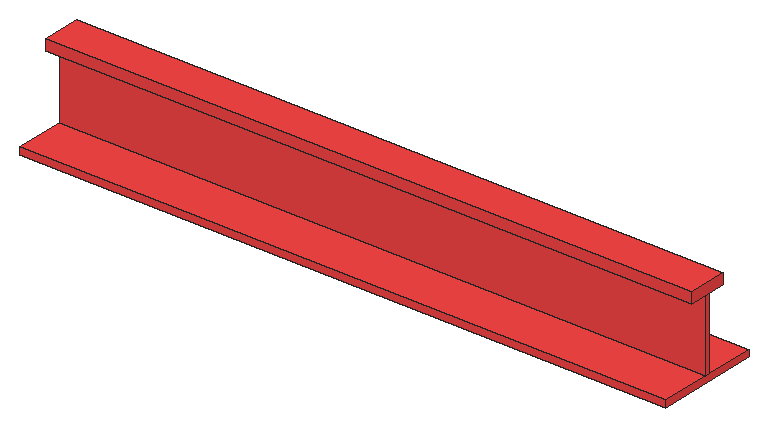
Revit family "GSY32", category Structural Framing, Revit 2018
Family settings
  Section Shape = Not Defined
  Material for Model Behavior = Other
  Always export as geometry = No
  OmniClass Number = 23.25.30.11.14.14
  OmniClass Title = Beams
  Always vertical = Yes
  Cut with Voids When Loaded = No
  Symbolic Representation = From Family
  Shared = No
  Show family pre-cut in plan views = Yes
Parameters (values of type "GSY32/15-40")
  t2 = 25 mm
  t1 = 40 mm
  hw = 280 mm
  d = 15 mm
  b2 = 400 mm
  b1 = 150 mm
  Structural Material [instance] = bips-Steel
  Manufacturer = "Give Steel A/S"
  Length [instance] = 3000 mm
Types (6, lengths in mm): name | b2 | b1 | Length
  (no name) | 400 | 150 | 3000
  GSY32/15-40 | 400 | 150 | 3000
  GSY32/18-43 | 430 | 180 | 3000
  GSY32/22-47 | 470 | 220 | 3000
  GSY32/27-52 | 520 | 270 | 3000
  GSY32/30-55 | 550 | 300 | 4000
Reference planes
  plane 1 "Center (Front/Back)": y = 0
  plane 2 "Center Elevation": z = 0
  plane 3 "Center (Left/Right)": x = 0
  plane 4 "Left": x = -1500
  plane 5 "Member Left": x = -1250
  plane 6 "Stick Symbol Left": x = -1000
  plane 7 "Right": x = 1500
  plane 8 "Member Right": x = 1250
  plane 9 "Stick Symbol Right": x = 1000
  plane 10: y = 75
  plane 11: y = -75
  plane 12: y = 200
  plane 13: y = -200
  plane 14: z = 192.5
  plane 15: z = 152.5
  plane 16: z = -152.5
  plane 17: z = -127.5
  plane 18: y = -7.5
  plane 19: y = 7.5
Forms (mm)
  Extrusion 1, solid, material "bips-Steel" <- "Structural Material"
    sketch origin (0, 0, 0) x (0, 1, 0) y (0, 0, 1)
      loop
        line (75, 192.5) -> (-75, 192.5) -> (-75, 152.5) -> (75, 152.5) -> (75, 192.5)
    from -1250 to 1250
  Extrusion 2, solid, material "bips-Steel" <- "Structural Material"
    sketch origin (0, 0, -90) x (0, 1, 0) y (0, 0, 1)
      loop
        line (7.5, 242.5) -> (-7.5, 242.5) -> (-7.5, -37.5) -> (7.5, -37.5) -> (7.5, 242.5)
    from -1250 to 1250
  Extrusion 3, solid, material "bips-Steel" <- "Structural Material"
    sketch origin (0, 0, -345) x (0, 1, 0) y (0, 0, 1)
      loop
        line (200, 217.5) -> (-200, 217.5) -> (-200, 192.5) -> (200, 192.5) -> (200, 217.5)
    from -1250 to 1250
Lines and regions (mm)
  model lines, style "Stick Symbols", detail levels coarse
    curve 1: line (-1000, 0, 0) -> (1000, 0, 0)
Dimensions and locks
  equal spacing: plane 4 "Left", plane 3 "Center (Left/Right)", plane 7 "Right"
  "Length": plane 4 "Left" to plane 7 "Right"
  equal spacing: plane 10, plane 1 "Center (Front/Back)", plane 11
  "b1": plane 10 to plane 11
  equal spacing: plane 12, plane 1 "Center (Front/Back)", plane 13
  "b2": plane 12 to plane 13
  "t1": plane 14 to plane 15
  "t2": plane 17 to plane 16
  equal spacing: plane 15, plane 2 "Center Elevation", plane 16
  equal spacing: plane 19, plane 1 "Center (Front/Back)", plane 18
  "d": plane 19 to plane 18
  "hw": plane 15 to plane 17
  aligned and locked: plane 5 "Member Left" to Extrusion 1
  aligned and locked: Extrusion 1 to plane 8 "Member Right"
  aligned and locked: plane 1 "Center (Front/Back)" to curve 1
  aligned and locked: plane 6 "Stick Symbol Left" to curve 1
  aligned and locked: plane 9 "Stick Symbol Right" to curve 1
  aligned and locked: level to plane 2 "Center Elevation"
  aligned and locked: Extrusion 1 sketch curve to plane 14
  aligned and locked: plane 10 to Extrusion 1 sketch curve
  aligned and locked: Extrusion 1 sketch curve to plane 11
  aligned and locked: Extrusion 2 sketch curve to plane 18
  aligned and locked: Extrusion 2 sketch curve to plane 19
  aligned and locked: Extrusion 2 sketch curve to plane 17
  aligned and locked: Extrusion 3 sketch curve to plane 16
  aligned and locked: Extrusion 3 sketch curve to plane 17
  aligned and locked: Extrusion 3 sketch curve to plane 13
  aligned and locked: plane 12 to Extrusion 3 sketch curve
  aligned and locked: Extrusion 2 sketch curve to plane 15
  aligned and locked: plane 5 "Member Left" to Extrusion 3
  aligned and locked: Extrusion 3 to plane 8 "Member Right"
  aligned and locked: Extrusion 2 to plane 8 "Member Right"
  aligned and locked: plane 5 "Member Left" to Extrusion 2
Automatic sketch dimensions
  Extrusion 1 sketch curve to plane 15 = 0 mm
